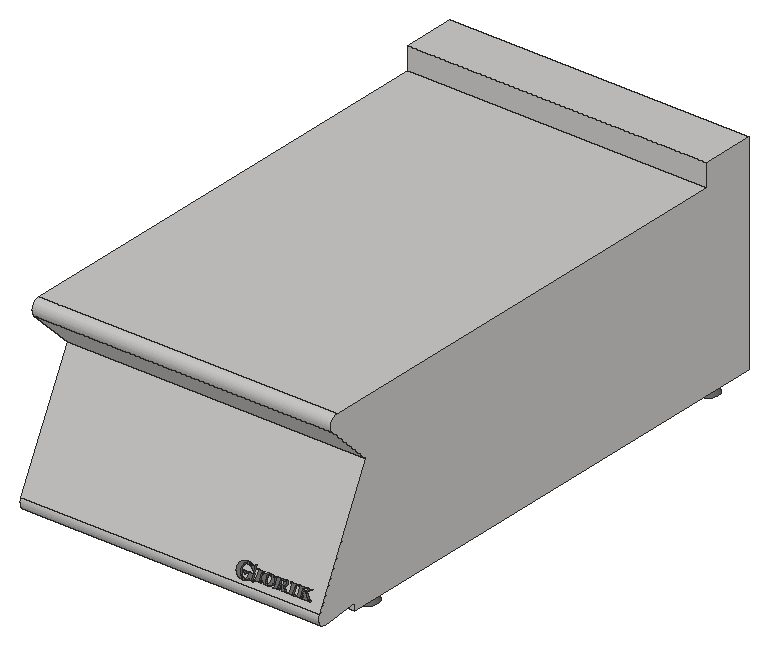
Revit family "QF_GIORIK_EN720T", category Specialty Equipment, Revit 2014
Parameters (values of type "EN720T")
  Weight in Pounds = 77.1617
  URL Cutsheet = "www.giorik.com"
  URL = "www.giorik.com"
  Status [instance] = ""
  Specification by User [instance] = ""
  Specification by Manufacturer = ""
  Show Logo [instance] = yes
  Show Clearance [instance] = yes
  Serial Number = ""
  Seismic Rating = ""
  SMACNA No = ""
  Revision Code [instance] = ""
  NAFEM Spec ID Number = ""
  Model = "EN720T"
  Masterspec = ""
  Manufacturer = "GIORIK"
  Item Number [instance] = ""
  Installed By [instance] = ""
  Identify Quantity as Lot [instance] = no
  Furnished By [instance] = ""
  Foodservice Equipment Identifier [instance] = yes
  Description = "NEUTRAL UNIT - COUNTERTOP"
  CSI MasterFormat = ""
  Assembly Code = "E1090320"
Reference planes
  plane 1 "Back": y = 0
  plane 2: z = 0
  plane 3 "Left": x = 0
  plane 4 "Right": x = 400
  plane 5 "Front": y = -720
  plane 6 "Top": z = 300
Forms (mm)
  Extrusion 1, solid, visible <- "Show Logo"
    sketch origin (191.604, -736.761, 9.486) x (-1, 0, 0) y (0, 0.452718, 0.891654)
      loop
        line (-118.824, 58.358) -> (-127.804, 58.358) -> (-125.523, 56.445) -> (-125.523, 48.027) -> (-127.804, 46.113) -> (-118.824, 46.113) -> (-121.105, 48.027) -> (-121.105, 56.445) -> (-118.824, 58.358)
      loop
        line (-163.721, 58.358) -> (-172.7, 58.358) -> (-170.42, 56.445) -> (-170.42, 48.027) -> (-172.7, 46.113) -> (-163.721, 46.113) -> (-166.001, 48.027) -> (-166.001, 56.445) -> (-163.721, 58.358)
      loop
        line (-174.332, 58.358) -> (-183.312, 58.358) -> (-181.031, 56.445) -> (-181.031, 52.435) -> (-186.419, 56.955) -> (-184.416, 58.358) -> (-191.268, 58.358) -> (-188.01, 56.839) -> (-185.455, 54.283) -> (-190.846, 47.858) -> (-193.396, 46.93) -> (-193.396, 46.113) -> (-184.416, 46.113) -> (-185.437, 47.571) -> (-182.443, 51.552) -> (-181.031, 50.894) -> (-181.031, 48.027) -> (-183.312, 46.113) -> (-174.332, 46.113) -> (-176.613, 48.027) -> (-176.613, 56.445) -> (-174.332, 58.358)
      loop
        line (-115.429, 62.063) -> (-115.429, 54.198)
        arc (-115.429, 54.198) -> (-111.618, 57.803) -> (-106.847, 59.986) r 16.039
        arc (-106.847, 59.986) -> (-103.314, 59.837) -> (-100.512, 57.68) r 5.851
        arc (-100.512, 57.68) -> (-98.815, 52.267) -> (-100.512, 46.853) r 9.479
        arc (-100.512, 46.853) -> (-102.406, 44.986) -> (-104.846, 43.93) r 7.236
        arc (-104.846, 43.93) -> (-107.728, 44.111) -> (-110.052, 45.825) r 5.11
        line (-110.052, 45.825) -> (-110.052, 52.001) -> (-116.141, 52.001) -> (-116.141, 45.503) -> (-117.893, 43.751) -> (-114.094, 44.769)
        arc (-114.094, 44.769) -> (-112.56, 44.947) -> (-111.129, 44.366) r 3.115
        arc (-111.129, 44.366) -> (-104.216, 42.091) -> (-97.303, 44.366) r 11.641
        arc (-97.303, 44.366) -> (-93.396, 52.107) -> (-97.303, 59.849) r 9.622
        arc (-97.303, 59.849) -> (-104.369, 62.174) -> (-111.435, 59.849) r 11.898
        line (-111.435, 59.849) -> (-115.429, 62.063)
      loop
        arc (-129.234, 56.068) -> (-135.893, 58.628) -> (-142.552, 56.068) r 9.941
        arc (-142.552, 56.068) -> (-144.234, 52.286) -> (-142.552, 48.505) r 5.093
        arc (-142.552, 48.505) -> (-135.893, 45.945) -> (-129.234, 48.505) r 9.941
        arc (-129.234, 48.505) -> (-127.552, 52.286) -> (-129.234, 56.068) r 5.093
      loop
        arc (-132.628, 54.403) -> (-135.893, 57.668) -> (-139.158, 54.403) r 3.265
        line (-139.158, 54.403) -> (-139.158, 50.169)
        arc (-139.158, 50.169) -> (-135.893, 46.904) -> (-132.628, 50.169) r 3.265
        line (-132.628, 50.169) -> (-132.628, 54.403)
      loop
        arc (-156.363, 58.365) -> (-159.647, 55.081) -> (-156.363, 51.796) r 3.285
        line (-156.363, 51.796) -> (-159.529, 47.306) -> (-162.087, 46.113) -> (-155.847, 46.113) -> (-153.529, 51.083) -> (-150.637, 51.083) -> (-150.637, 47.784) -> (-153.022, 46.113) -> (-144.011, 46.113) -> (-146.094, 47.68) -> (-146.094, 56.493) -> (-144.229, 58.365) -> (-156.363, 58.365)
      loop
        line (-150.637, 57.512) -> (-153.637, 57.512)
        arc (-153.637, 57.512) -> (-156.237, 54.912) -> (-153.637, 52.312) r 2.6
        line (-153.637, 52.312) -> (-150.637, 52.312) -> (-150.637, 57.512)
      loop
        line (-108.924, 52.001) -> (-104.936, 49.005) -> (-100.948, 52.001) -> (-108.924, 52.001)
    from 1.5 to -0.5
  Extrusion 2, solid
    sketch origin (-600, 1000, -620) x (0, 1, 0) y (0, 0, 1)
      loop
        line (-1000, 919.988) -> (-1070, 919.988) -> (-1070, 889.988) -> (-1688.806, 889.988)
        arc (-1688.806, 889.988) -> (-1699.151, 883.075) -> (-1696.724, 870.873) r 11.197
        line (-1696.724, 870.873) -> (-1640.876, 815.025) -> (-1718.948, 661.258)
        arc (-1718.948, 661.258) -> (-1718.233, 650.105) -> (-1708.118, 645.354) r 10.981
        line (-1708.118, 645.354) -> (-1660, 649.925) -> (-1660, 640) -> (-1000, 640) -> (-1000, 919.988)
    from 600 to 1000
  Extrusion 3, solid
    sketch origin (543.603, 45.293, -30) x (0, 1, 0) y (-1, 0, 0)
      loop
        circle (-79.293, 516.603) r 5
    from 41.965 to 50
  Revolve 4, solid
    sketch origin (27, 49.943, -600) x (0, 1, 0) y (0, 0, 1)
      loop
        line (-83.943, 611.965) -> (-94.752, 611.965) -> (-97.943, 600) -> (-83.943, 600) -> (-83.943, 611.965)
      axis (-83.943, 611.965) -> (-83.943, 600)
    angle from 0 to 360
  Extrusion 5, solid
    sketch origin (543.603, -524.707, -30) x (0, 1, 0) y (-1, 0, 0)
      loop
        circle (-79.293, 516.603) r 5
    from 41.965 to 50
  Revolve 6, solid
    sketch origin (27, -520.057, -600) x (0, 1, 0) y (0, 0, 1)
      loop
        line (-83.943, 611.965) -> (-94.752, 611.965) -> (-97.943, 600) -> (-83.943, 600) -> (-83.943, 611.965)
      axis (-83.943, 611.965) -> (-83.943, 600)
    angle from 0 to 360
  Extrusion 7, solid
    sketch origin (-143.603, 45.293, -30) x (0, 1, 0) y (-1, 0, 0)
      loop
        circle (-79.293, -516.603) r 5
    from 41.965 to 50
  Revolve 8, solid
    sketch origin (373, 49.943, -600) x (0, 1, 0) y (0, 0, -1)
      loop
        line (-83.943, -611.965) -> (-83.943, -600) -> (-97.943, -600) -> (-94.752, -611.965) -> (-83.943, -611.965)
      axis (-83.943, -611.965) -> (-83.943, -600)
    angle from 0 to 360
  Extrusion 9, solid
    sketch origin (-143.603, -524.707, -30) x (0, 1, 0) y (-1, 0, 0)
      loop
        circle (-79.293, -516.603) r 5
    from 41.965 to 50
  Revolve 10, solid
    sketch origin (373, -520.057, -600) x (0, 1, 0) y (0, 0, -1)
      loop
        line (-83.943, -611.965) -> (-83.943, -600) -> (-97.943, -600) -> (-94.752, -611.965) -> (-83.943, -611.965)
      axis (-83.943, -611.965) -> (-83.943, -600)
    angle from 0 to 360
Lines and regions (mm)
  symbolic lines, style "200-EquipBorder-2D"
    curve 1: line (0, -720, 0) -> (400, -720, 0)
    curve 2: line (400, -720, 0) -> (400, 0, 0)
    curve 3: line (400, 0, 0) -> (0, 0, 0)
    curve 4: line (0, 0, 0) -> (0, -720, 0)
  symbolic lines, style "200-EquipInternal-2D"
    curve 5: line (0, -70, 300) -> (400, -70, 300)
Dimensions and locks
  plane 3 "Left" to plane 4 "Right" = 400 mm
  plane 5 "Front" to plane 1 "Back" = 720 mm
  plane 4 "Right" to plane 3 "Left" = 400 mm
  plane 1 "Back" to plane 5 "Front" = 720 mm
  plane 6 "Top" to level = 300 mm  (x2)
  aligned and locked: level to plane 2
